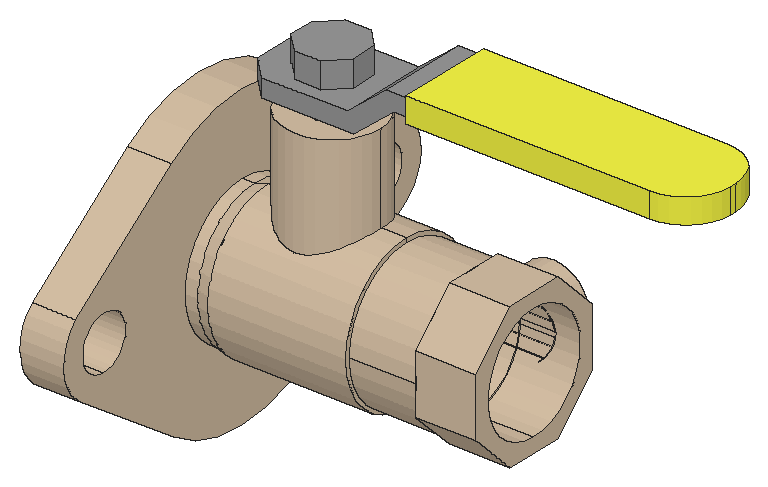
Revit family "490-Ball-Valve", category Pipe Accessories, Revit 2018
Family settings
  Round Connector Dimension = Use Diameter
  Part Type = Valve - Normal
  OmniClass Number = 23.60.30.11.14
  OmniClass Title = Pipework Fittings
  Work Plane-Based = No
  Always vertical = Yes
  Cut with Voids When Loaded = No
  Shared = No
Parameters
  Y1 [instance] = size_lookup(LookupTable, "Y1", 0", Nominal Diameter)  # 4.03"
  X8 [instance] = size_lookup(LookupTable, "X8", 0", Nominal Diameter)  # 0.394"
  Weight [instance] = size_lookup(LookupTable, "Weight", "NA", Nominal Diameter)  # "1.47 lbs."
  URL = "http://www.fnw.com"
  Standards Lookup Table = "Standards"  # constant formula
  R4 [instance] = size_lookup(LookupTable, "R4", 0", Nominal Diameter)  # 0.65349"
  Product ID Handle [instance] = ""
  Product ID [instance] = size_lookup(LookupTable, "ProductID", "NA", Nominal Diameter)  # "4203988"
  Pipe Diameter [instance] = size_lookup(Standards Lookup Table, "pipe_dia", 0", Nominal Diameter)  # 1.05"
  Pin Height [instance] = [1_Z2] + Z3  # 0.39878"
  Part Number Handle [instance] = ""
  Part Number [instance] = size_lookup(LookupTable, "PartNumber", "NA", Nominal Diameter)  # "FNW490F"
  PIpe Radius [instance] = Pipe Diameter / 2  # 0.525"
  NPT Insert [instance] = size_lookup(Standards Lookup Table, "NPT_insert", 0", Nominal Diameter)  # 0.5457"
  Flange Angle [instance] = 53.8619°
  DR5 [instance] = D5 / 2  # 1.37"
  D6R [instance] = size_lookup(LookupTable, "D6", 0", Nominal Diameter) / 2  # 0.32"
  Manufacturer = "FNW"  # constant formula
  L1 [instance] = size_lookup(LookupTable, "L1", 0", Nominal Diameter)  # 0.90349"
  Flange_R = 29/64"  # constant formula
  Flange_HoleR = 63/128" / 2  # 63/256"
  Description BOM Handle [instance] = ""
  Description BOM [instance] = size_lookup(LookupTable, "Description_BOM", "NA", Nominal Diameter)  # "Not For Potable Use 3/4 THRD PIV W/ROT FLG"
  D5 [instance] = size_lookup(LookupTable, "D5", 0", Nominal Diameter)  # 2.74"
  1_Z2 [instance] = size_lookup(LookupTable, "1_Z2", 0", Nominal Diameter)  # 0.1644"
  1_Z1 [instance] = size_lookup(LookupTable, "1_Z1", 0", Nominal Diameter)  # 0.30026"
  Z3 [instance] = size_lookup(LookupTable, "Z3", 0", Nominal Diameter)  # 15/64"
  Z2 [instance] = size_lookup(LookupTable, "Z2", 0", Nominal Diameter)  # 1.65349"
  Z1 [instance] = size_lookup(LookupTable, "Z1", 0", Nominal Diameter)  # 1.48909"
  1_Y1 [instance] = size_lookup(LookupTable, "1_Y1", 0", Nominal Diameter)  # 0.81"
  1_X4 [instance] = size_lookup(LookupTable, "1_X4", 0", Nominal Diameter)  # 0.5172"
  1_X1 [instance] = size_lookup(LookupTable, "1_X1", 0", Nominal Diameter)  # 1.0344"
  1_X3 [instance] = size_lookup(LookupTable, "1_X3", 0", Nominal Diameter)  # 3.62"
  X7 [instance] = size_lookup(LookupTable, "X7", 0", Nominal Diameter)  # 1.212"
  X5 [instance] = size_lookup(LookupTable, "X5", 0", Nominal Diameter)  # 0.5457"
  X4 [instance] = size_lookup(LookupTable, "X4", 0", Nominal Diameter)  # 0.606"
  X3 [instance] = size_lookup(LookupTable, "X3", 0", Nominal Diameter)  # 1.1131"
  X2 [instance] = size_lookup(LookupTable, "X2", 0", Nominal Diameter)  # 0.1212"
  1_X2 [instance] = size_lookup(LookupTable, "1_X2", 0", Nominal Diameter)  # 0.30026"
  X1 [instance] = size_lookup(LookupTable, "X1", 0", Nominal Diameter)  # 1/4"
  Show Lever Clearance [instance] = no
  R3 [instance] = size_lookup(LookupTable, "R3", 0", Nominal Diameter)  # 0.65349"
  R2 [instance] = size_lookup(LookupTable, "R2", 0", Nominal Diameter)  # 0.68617"
  R1_Diam [instance] = R1 * 2  # 1.30698"
  R1 [instance] = size_lookup(LookupTable, "R1", 0", Nominal Diameter)  # 0.65349"
  Nominal Radius [instance] = Nominal Diameter / 2  # 3/8"
  Nominal Diameter [instance] = 3/4"
  LookupTable = "valve-ball-2p-pump-thd-port-std-lever 490"  # constant formula
  HexAngle1 [instance] = 135.00°  # constant formula
  D3 [instance] = size_lookup(LookupTable, "D3", 0", Nominal Diameter)  # 9/16"
  D2 [instance] = size_lookup(LookupTable, "D2", 0", Nominal Diameter)  # 3/8"
  D1 [instance] = size_lookup(LookupTable, "D1", 0", Nominal Diameter)  # 0.87"
Reference planes (in)
  plane 1 "Center (Front/Back)": y = 0
  plane 2: z = 0
  plane 3 "Center (Left/Right)": x = 0
  plane 4 "X7 End": x = -1.212
  plane 5 "Pipe radius": z = 0.525
  plane 6: x = -0.818
  plane 7: x = -0.568
  plane 8: x = -0.4468
  plane 9: x = 0.6663
  plane 10 "X5 Plane": x = 1.2723
  plane 11: z = 1.37
  plane 12: z = -1.37
  plane 13: y = 2.015
  plane 14: y = -2.015
  plane 15: z = 1.48909
  plane 16 "Z2": z = 1.65349
  plane 17: x = 1.818
  plane 18: y = 0.90349
  plane 19: x = 1.2723
Forms (in)
  Extrusion 1, solid, material "Bronze, Cast_01"
    sketch origin (0, 0, 0) x (1, 0, 0) y (0, 1, 0)
      loop
        circle (0, 0) r 0.1875
    from 1.48909 to 1.65349
  Extrusion 2, solid, material "Bronze, Cast_01"
    sketch origin (0, 0, 0) x (0, 1, 0) y (0, 0, 1)
      loop
        circle (0, 0) r 0.525
      loop
        circle (0, 0) r 0.65349
    from 0.6663 to 1.2723
  Extrusion 3, solid, material "Bronze, Cast_01", not visible
    sketch origin (-0.5313, 0, 0) x (0, 0, 1) y (0, -1, 0)
      loop
        circle (0, 0) r 0.375
    from -0.2867 to 1.8036
  Extrusion 4, solid, material "Bronze, Cast_01"
    sketch origin (0, 0, 0.8756) x (-1, 0, 0) y (0, -1, 0)
      loop
        circle (0, 0) r 0.435
    from -0.3506 to 0.61349
  Revolve 5, solid, material "Bronze, Cast_01"
    sketch origin (0, 0, 0) x (1, 0, 0) y (0, 0, 1)
      loop
        line (-0.818, 0.65349) -> (-0.818, 0.525) -> (0.6663, 0.525) -> (0.6663, 0.68617) -> (-0.58002, 0.68617) -> (-0.70128, 0.65349) -> (-0.818, 0.65349)
      axis (0.6663, 0) -> (-0.818, 0)
    angle from 0 to 360
  Extrusion 6, solid, material "Bronze, Cast_01"
    sketch origin (1.2723, 0, 0) x (0, 0, 1) y (0, -1, 0)
      loop
        line (0.27068, -0.65349) -> (0.65349, -0.27068) -> (0.65349, 0.27068) -> (0.27068, 0.65349) -> (-0.27068, 0.65349) -> (-0.65349, 0.27068) -> (-0.65349, -0.27068) -> (-0.27068, -0.65349) -> (0.27068, -0.65349)
      loop
        circle (0, 0) r 0.525
    from 0 to 0.5457
  Revolve 7, solid, material "Bronze, Cast_01"
    sketch origin (0, 0, 0) x (1, 0, 0) y (0, 1, 0)
      loop
        line (1.2723, 0.90349) -> (1.2723, 0) -> (1.5923, 0) -> (1.5923, 0.90349) -> (1.2723, 0.90349)
      axis (1.2723, 0) -> (1.2723, 0.90349)
    angle from 0 to 360
  Extrusion 8, void
    sketch origin (1.2723, 0, 0) x (0, 0, 1) y (0, -1, 0)
      loop
        circle (0, 0) r 0.525
    from -0.606 to 0.5457
Cuts and joins
  Extrusion 8 cuts Revolve 7
Dimensions and locks (in)
  "X7": plane 4 "X7 End" to plane 3 "Center (Left/Right)"
  "PIpe Radius": plane 5 "Pipe radius" to plane 2
  "X8": plane 4 "X7 End" to plane 6
  "X1": plane 7 to plane 6
  "X2": plane 8 to plane 7
  "X3": plane 9 to plane 8
  "X4": plane 10 "X5 Plane" to plane 9
  "PIpe Radius": Revolve 5 sketch curve to plane 2
  "R1": Revolve 5 sketch curve to plane 2
  "R2": Revolve 5 sketch curve to plane 2
  "R4": Extrusion 6 sketch curve to plane 1 "Center (Front/Back)"
  "R4": plane 1 "Center (Front/Back)" to Extrusion 6 sketch curve
  "R4": Extrusion 6 sketch curve to plane 2  (x6)
  equal spacing: plane 11, plane 2, plane 12
  "D5": plane 11 to plane 12
  equal spacing: plane 13, plane 1 "Center (Front/Back)", plane 14
  "Y1": plane 13 to plane 14
  "Z1": plane 15 to plane 2
  "Z2": plane 16 "Z2" to plane 2
  "X5": plane 17 to plane 10 "X5 Plane"
  "L1": plane 1 "Center (Front/Back)" to plane 18
  "X5": plane 19 to plane 17
  "D6R": plane 19 to Revolve 7 sketch curve
  "NPT Insert": plane 17 to Extrusion 3
  "D2": diameter of Extrusion 1 sketch curve
  "PIpe Radius": radius of Extrusion 2 sketch curve
  "Nominal Radius": radius of Extrusion 3 sketch curve
  "D1": diameter of Extrusion 4 sketch curve
  "R4": radius of Extrusion 2 sketch curve
  "PIpe Radius": radius of Extrusion 6 sketch curve
  "PIpe Radius": radius of Extrusion 8 sketch curve
  "HexAngle1": angle Extrusion 6 sketch curve to Extrusion 6 sketch curve  (x7)
  aligned and locked: plane 2 to level
  aligned and locked: Extrusion 4 to plane 5 "Pipe radius"
  aligned and locked: Extrusion 2 to plane 9
  aligned and locked: plane 10 "X5 Plane" to Extrusion 2
  aligned and locked: plane 2 to Revolve 5 sketch curve
  aligned and locked: Revolve 5 sketch curve to plane 6
  aligned and locked: Revolve 5 sketch curve to plane 9
  aligned and locked: Extrusion 3 to plane 6
  aligned and locked: plane 15 to Extrusion 4
  aligned and locked: Extrusion 1 to plane 15
  aligned and locked: plane 16 "Z2" to Extrusion 1
  aligned and locked: plane 17 to Extrusion 6
  aligned and locked: Revolve 7 sketch curve to plane 19
  aligned and locked: Extrusion 6 to Extrusion 8
  aligned and locked: Extrusion 8 to plane 9
  aligned and locked: plane 4 "X7 End" to nested 2
Automatic sketch dimensions
  plane 1 "Center (Front/Back)" to Extrusion 1 sketch curve = 0"
  Extrusion 1 sketch curve to plane 3 "Center (Left/Right)" = 0"
  Extrusion 2 sketch curve to Extrusion 2 sketch curve = 0"  (x2)
  Extrusion 2 sketch curve to level = 0"
  Extrusion 2 sketch curve to plane 1 "Center (Front/Back)" = 0"
  Extrusion 3 sketch curve to level = 0"
  Extrusion 3 sketch curve to plane 1 "Center (Front/Back)" = 0"
  plane 1 "Center (Front/Back)" to Extrusion 4 sketch curve = 0"
  Extrusion 4 sketch curve to plane 3 "Center (Left/Right)" = 0"
  plane 6 to Revolve 5 sketch curve = 0.11672"
  Revolve 5 sketch curve to plane 7 = 0.01202"
  plane 4 "X7 End" to Revolve 5 sketch curve = 0.35912"
  Revolve 5 sketch curve to plane 3 "Center (Left/Right)" = 0.19928"
  Extrusion 6 sketch curve to level = 0"
  Extrusion 6 sketch curve to plane 1 "Center (Front/Back)" = 0"
  Revolve 7 sketch curve to plane 10 "X5 Plane" = 0"
  plane 1 "Center (Front/Back)" to Revolve 7 sketch curve = 0"  (x2)
  Revolve 7 sketch curve to plane 18 = 0"
  plane 13 to Revolve 7 sketch curve = 0.36738"
  Extrusion 8 sketch curve to level = 0"
  Extrusion 8 sketch curve to plane 1 "Center (Front/Back)" = 0"
Nested families (in)
  nested 1: "Nested Lever_470" at (0, 0, 1.65349), Show Lever Clearance <- "Show Lever Clearance", D3 <- "D3", Z3 <- "Z3", 1_X1 <- "1_X1", 1_X2 <- "1_X2", 1_X3 <- "1_X3", 1_X4 <- "1_X4", 1_Y1 <- "1_Y1", 1_Z1 <- "1_Z1", 1_Z2 <- "1_Z2", type "Nested Lever_470"
    with Z3 15/64", Void_Outer_Radius 0.4675", Void_Outer 0.935", Show Lever Clearance no, Grip_L3 0.2269", Grip_L2 0.19565", Grip_L1 1/32", D3_Half 3/16", D3 9/16", Clearance Hieght 6", Angle Hex Head 135.00°, 1_Z2 0.1644", 1_Z1 0.30026", 1_Y1_Half 0.405", 1_Y1 0.81", 1_X4 0.5172", 1_X3_and_1__Y1_Half 4.025", 1_X3 3.62", 1_X2 0.30026", 1_X1 1.0344"
  nested 2: "flange400series" at (0.04, 0, 0), Pipe size <- "PIpe Radius", type "flange400series"
    with Pipe size 0.525", D5 2.74"
Connectors (in)
  piping at (1.2723, 0, 0), diameter 0.75, driven by "Nominal Diameter"
    settings: on Extrusion 3, index 1, connector inside diameter 24", connector length 0", flow factor 0, pipe flow 0 GPM, pressure drop 0.00 psi, fitting loss kfactor 0, connector angle 0.00°, fixture units 0, engagement length 0", angle of deflection 0.00°, flow configuration 0, flow direction 0, fitting loss method 0, system type 7, joint type 0, gender type 0, connector reference index -1, connector utility 0, adjustable connector no, is connector primary yes, connector description ""
  piping at (-0.818, 0, 0), diameter 0.75, driven by "Nominal Diameter"
    settings: on Extrusion 3, index 2, connector inside diameter 24", connector length 0", flow factor 0, pipe flow 0 GPM, pressure drop 0.00 psi, fitting loss kfactor 0, connector angle 0.00°, fixture units 0, engagement length 0", angle of deflection 0.00°, flow configuration 0, flow direction 0, fitting loss method 0, system type 7, joint type 0, gender type 0, connector reference index -1, connector utility 0, adjustable connector no, is connector primary no, connector description ""
Definition of nested family "Nested Lever_470"
  Parameters (values of type "Nested Lever_430")
    Z3 [instance] = 1/8"
    Angle 2 = 45.00°  # constant formula
    1_Z2 [instance] = 1/8"
    1_Z1 [instance] = 1 1/4"
    1_Y1_Half [instance] = [1_Y1] / 2  # 1"
    1_Y1 [instance] = 2"
    1_X1 [instance] = 2 1/2"
    1_X3_and_1__Y1_Half [instance] = [1_X3] + [1_Y1_Half]  # 13.66198"
    1_X3 [instance] = 12.66198"
    1_X2 [instance] = 1 1/2"
    Void_Outer_Radius [instance] = Void_Outer / 2  # 1 1/16"
    Void_Outer [instance] = [1_Y1] + Grip_L1 * 4  # 2 1/8"
    Show Lever Clearance [instance] = yes
    Grip_L3 [instance] = Grip_L1 + Grip_L2  # 3/16"
    Grip_L1 [instance] = 1/32"  # constant formula
    Grip_L2 [instance] = [1_Z2] + Grip_L1  # 5/32"
    Default Elevation = 48"
    D3_Half [instance] = D3 / 3  # 0.23251"
    D3 [instance] = 0.69752"
    Clearance Hieght [instance] = 6"  # constant formula
    Angle Hex Head [instance] = 135.00°  # constant formula
    1_X4 [instance] = 1"
  Reference planes (in)
    plane 1 "Center (Front/Back)": y = 0
    plane 2: z = 0
    plane 3 "Center (Left/Right)": x = 0
    plane 4: z = 0.125
    plane 5: x = -1
    plane 6: x = 12.66198
    plane 7: y = 1
    plane 8: y = -1
    plane 9: x = 1.5
    plane 10: x = 3
    plane 11: z = 1.375
    plane 12: z = 1.25
    plane 13: z = 0.25
    plane 14: z = 1.40625
    plane 15: z = 1.21875
    plane 16: x = 3.15625
    plane 17: y = 1.03125
    plane 18: y = -1.03125
  Forms (in)
    Extrusion 1, solid
      sketch origin (0, 0, 0) x (1, 0, 0) y (0, 1, 0)
        loop
          line (-48, 48) -> (-48, -48) -> (48, -48) -> (48, 48) -> (-48, 48)
      from 0 to -12
    Extrusion 2, solid
      sketch origin (0, 0, 0) x (1, 0, 0) y (0, 0, 1)
        loop
          line (1.30132, 0) -> (1.5, 0) -> (3.04425, 1.25) -> (4.15625, 1.25) -> (4.15625, 1.375) -> (3, 1.375) -> (1.30132, 0)
      from -1 to 1
    Extrusion 3, solid
      sketch origin (0, 0, 0) x (1, 0, 0) y (0, 1, 0)
        loop
          line (0.34876, 0.14446) -> (0.14446, 0.34876) -> (-0.14446, 0.34876) -> (-0.34876, 0.14446) -> (-0.34876, -0.14446) -> (-0.14446, -0.34876) -> (0.14446, -0.34876) -> (0.34876, -0.14446) -> (0.34876, 0.14446)
      from 0.125 to 0.25
    Extrusion 4, solid
      sketch origin (0, 0, 0) x (1, 0, 0) y (0, 1, 0)
        loop
          line (11.66198, 1.03125) -> (3.15625, 1.03125) -> (3.15625, -1.03125) -> (11.66198, -1.03125)
          arc (11.66198, -1.03125) -> (12.36908, -0.73836) -> (12.66198, -0.03125) r 1
          line (12.66198, -0.03125) -> (12.66198, 0.03125)
          arc (12.66198, 0.03125) -> (12.36908, 0.73836) -> (11.66198, 1.03125) r 1
      from 1.21875 to 1.40625
    Extrusion 5, solid, visible <- "Show Lever Clearance"
      sketch origin (0, 0, 0) x (1, 0, 0) y (0, 1, 0)
        loop
          line (-1, 1) -> (-1, -12.66198)
          arc (-1, -12.66198) -> (8.66048, -8.66048) -> (12.66198, 1) r 13.66198
          line (12.66198, 1) -> (-1, 1)
      from 0 to 6 <- "Clearance Hieght"
    Extrusion 6, solid
      sketch origin (0, 0, 0) x (1, 0, 0) y (0, 1, 0)
        loop
          line (1.5, -1) -> (1.5, 1) -> (-0.5, 1) -> (-1, 0.5) -> (-1, -0.5) -> (-0.5, -1) -> (1.5, -1)
      from 0 to 0.125
  Cuts and joins
    joined: Extrusion 2, Extrusion 6
  Lines and regions (in)
    reference lines
      curve 1: line (0, 0, 3.375) -> (0, 0, -1.625)
  Dimensions and locks (in)
    "1_Z2": plane 4 to plane 2
    "1_X4": plane 3 "Center (Left/Right)" to plane 5
    "1_X3": plane 6 to plane 3 "Center (Left/Right)"
    equal spacing: plane 7, plane 1 "Center (Front/Back)", plane 8
    "1_Y1": plane 7 to plane 8
    "1_X1": plane 9 to plane 5
    "1_X2": plane 10 to plane 9
    "1_Z1": plane 11 to plane 4
    "1_Z2": plane 11 to plane 12
    equal spacing: Extrusion 3 sketch curve, curve 1, Extrusion 3 sketch curve  (x4)
    "D3": Extrusion 3 sketch curve to Extrusion 3 sketch curve  (x4)
    "Z3": plane 13 to plane 4
    "Grip_L1": plane 14 to plane 11
    "Grip_L2": plane 11 to plane 15
    "Grip_L2": plane 16 to plane 10
    "Grip_L1": plane 8 to plane 18
    "Grip_L1": plane 17 to plane 7
    "1_Y1_Half": plane 16 to Extrusion 2
    "1_X3_and_1__Y1_Half": Extrusion 5 sketch curve to Extrusion 5 sketch curve  (x2)
    equal spacing: Extrusion 6 sketch curve, plane 1 "Center (Front/Back)", Extrusion 6 sketch curve
    "1_Y1_Half": Extrusion 6 sketch curve to Extrusion 6 sketch curve
    "1_Z2": Extrusion 2 sketch curve to Extrusion 2 sketch curve
    "1_Y1_Half": radius of Extrusion 4 sketch curve  (x2)
    "1_X3_and_1__Y1_Half": radius of Extrusion 5 sketch curve
    "Angle Hex Head": angle Extrusion 3 sketch curve to Extrusion 3 sketch curve  (x6)
    "Angle 2": angle plane 5 to Extrusion 6 sketch curve
    "Angle 2": angle Extrusion 6 sketch curve to plane 5
    aligned and locked: plane 2 to Extrusion 1
    aligned and locked: level to Extrusion 1
    aligned and locked: plane 10 to Extrusion 2 sketch curve
    aligned and locked: plane 12 to Extrusion 2 sketch curve
    aligned and locked: plane 11 to Extrusion 2 sketch curve
    aligned and locked: curve 1 to plane 3 "Center (Left/Right)"
    aligned and locked: plane 4 to Extrusion 3
    aligned and locked: Extrusion 3 to plane 13
    aligned and locked: Extrusion 4 sketch curve to plane 16
    aligned and locked: Extrusion 4 sketch curve to plane 18
    aligned and locked: plane 17 to Extrusion 4 sketch curve
    aligned and locked: Extrusion 4 to plane 15
    aligned and locked: Extrusion 4 to plane 14
    aligned and locked: Extrusion 2 to plane 8
    aligned and locked: plane 7 to Extrusion 2
    aligned and locked: plane 9 to Extrusion 6 sketch curve
    aligned and locked: Extrusion 6 sketch curve to plane 5
    aligned and locked: Extrusion 6 to plane 4
  Automatic sketch dimensions
    Extrusion 1 sketch curve to Extrusion 1 sketch curve = 96"  (x2)
    curve 1 to level = 1 5/8"
    curve 1 to plane 11 = 2"
    Extrusion 2 sketch curve to level = 0"
    Extrusion 2 sketch curve to plane 9 = 0"
    plane 16 to Extrusion 2 sketch curve = 1"
    Extrusion 4 sketch curve to plane 6 = 0"
    Extrusion 5 sketch curve to plane 5 = 0"
    Extrusion 5 sketch curve to plane 7 = 0"
    Extrusion 6 sketch curve to plane 8 = 0"
    Extrusion 6 sketch curve to plane 7 = 0"
Definition of nested family "flange400series"
  Parameters (values of type "flange400series")
    Pipe size [instance] = 0.58927"
    Flange_R = 29/64"
    Flange_HoleR = 63/256"
    D5 [instance] = 2.74"
  Reference planes (in)
    plane 1 "Center (Front/Back)": y = 0
    plane 2: z = 0
    plane 3 "Center (Left/Right)": x = 0
    plane 4: y = 1.56187
    plane 5: y = -1.56188
    plane 6: through (0, 2.0485, 0.525) normal (0, -0.757, 0.6534)
    plane 7: through (0, -2.0485, 0.525) normal (0, -0.757, -0.6534)
  Forms (in)
    Extrusion 1, solid
      sketch origin (-0.5313, 0, 0) x (0, 0, 1) y (0, -1, 0)
        loop
          arc (1.11324, -0.7985) -> (1.37, 0) -> (1.11324, 0.7985) r 1.37
          line (1.11324, 0.7985) -> (0.32592, 1.87667)
          arc (0.32592, 1.87667) -> (-0.01269, 2.01482) -> (-0.34303, 1.85794) r 0.45312
          line (-0.34303, 1.85794) -> (-1.11324, 0.76773)
          arc (-1.11324, 0.76773) -> (-1.3523, 0) -> (-1.11324, -0.76773) r 1.3523
          line (-1.11324, -0.76773) -> (-0.34303, -1.85794)
          arc (-0.34303, -1.85794) -> (-0.01269, -2.01482) -> (0.32592, -1.87667) r 0.45312
          line (0.32592, -1.87667) -> (1.11324, -0.7985)
        loop
          circle (0, -1.56187) r 0.24609
        loop
          circle (0, 1.56188) r 0.24609
        loop
          circle (0, 0) r 0.58927
      from -0.7207 to -0.3267
  Dimensions and locks (in)
    "Flange_R": radius of Extrusion 1 sketch curve  (x2)
    "Flange_HoleR": radius of Extrusion 1 sketch curve  (x2)
    "Pipe size": radius of Extrusion 1 sketch curve
    aligned and locked: plane 2 to level
  Automatic sketch dimensions
    Extrusion 1 sketch curve to Extrusion 1 sketch curve = 0"  (x11)
    Extrusion 1 sketch curve to level = 0"  (x3)
    plane 7 to Extrusion 1 sketch curve = 0"  (x2)
    Extrusion 1 sketch curve to plane 6 = 0"
    Extrusion 1 sketch curve to plane 4 = 0"
    Extrusion 1 sketch curve to plane 1 "Center (Front/Back)" = 0"
    Extrusion 1 sketch curve to plane 5 = 0"
    plane 5 to Extrusion 1 sketch curve = 0.29607"
    Extrusion 1 sketch curve to level = 1.11324"  (x2)
    level to Extrusion 1 sketch curve = 1.11324"  (x2)
    plane 4 to Extrusion 1 sketch curve = 0.76338"
    Extrusion 1 sketch curve to plane 1 "Center (Front/Back)" = 0.76773"
    Extrusion 1 sketch curve to plane 4 = 0.29607"
